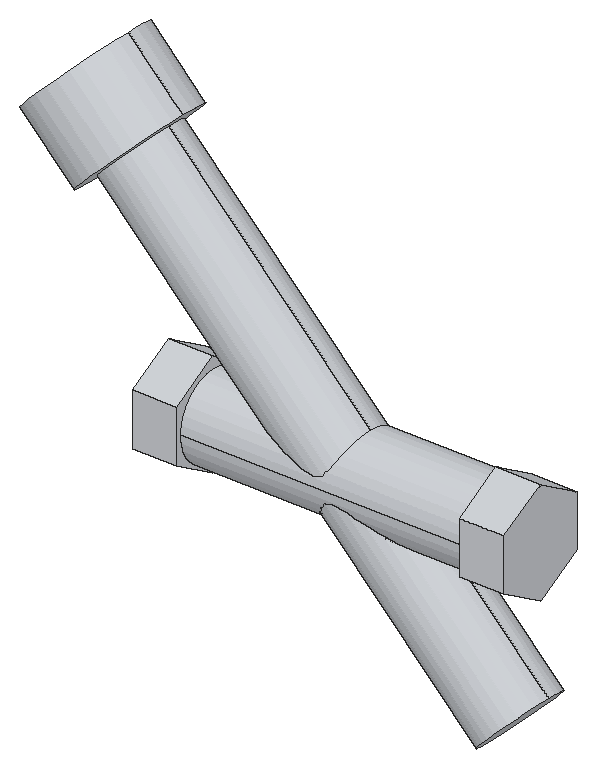
Revit family "304_Cim776 LF-_", category Pipe Accessories, Revit 2017
Family settings
  Round Connector Dimension = Use Diameter
  Part Type = Valve - Breaks Into
  Work Plane-Based = No
  Always vertical = Yes
  Cut with Voids When Loaded = No
  Shared = No
Parameters (values of type "Cim776 LF-15")
  magi_piping_given_dp [instance] = 0.0 Pa
  magiProductId = "Cim776 LF-15"
  magiProductFamilyId = "Cim776 LF-*"
  magiProductCode = "Cim776 LF-15"
  magiPartTypeId = 304
  ang2D [instance] = 0.00°
  Y4 = 21 mm
  W2D = 15 mm
  VersionID = "2.0/2015.11/CIMBERIO_CIM776_Q13_001"
  Use Minimum Symbol Size [instance] = yes
  URL = "www.cimberio.it"
  R1 = 13.5 mm
  QmdConnectorList = "301;D;302;D"
  Productdata [instance] = "© Progman Oy, all rights reserved"
  Manufacturer = "Cimberio"
  MC_Default_elevation = 0 mm
  LL5 = 138.734 mm
  LL2 = 72.96 mm
  LL1 = 48 mm
  L2D_Min = 3048 mm
  L2D = 96 mm
  HH3 = 20 mm
  HH1 = 60.382 mm
  Description = "AUTOMATIC BALANCING VALVE P.I.C.V. - PN 25 - \"CR\" BRASS - LOW FLOW"
  DL__ve = -DL  # -11.52 mm
  DL = 11.52 mm
  DD2 = 31.6 mm
  DD1 = 21.6 mm
  D = 15 mm
  CenSd_R1_6 = R1 * cos(30.00°)  # 11.691 mm
  CAT0 = yes
Types (3, lengths in mm): name | magiProductId | magiProductCode | Y4 | W2D | R1 | LL5 | LL2 | LL1 | L2D | HH1 | DL__ve | DL | DD1 | D | CenSd_R1_6
  Cim776 LF-15 | "Cim776 LF-15" | "Cim776 LF-15" | 21 | 15 | 13.5 | 138.734 | 72.96 | 48 | 96 | 60.382 | -11.52 | 11.52 | 21.6 | 15 | 11.691
  Cim776 LF-25 | "Cim776 LF-25" | "Cim776 LF-25" | 35 | 25 | 19.5 | 133.734 | 78.28 | 51.5 | 103 | 55.382 | -12.36 | 12.36 | 31.2 | 25 | 16.887
  Cim776 LF-20 | "Cim776 LF-20" | "Cim776 LF-20" | 28 | 20 | 16 | 136.234 | 73.72 | 48.5 | 97 | 57.882 | -11.64 | 11.64 | 25.6 | 20 | 13.856
Reference planes
  plane 1 "Center (Front/Back)": y = 0
  plane 2 "XYPLANE": z = 0
  plane 3 "Center (Left/Right)": x = 0
  plane 4 "INIT_TEMP": y = 100
  plane 5 "116": through (-585.733, 0, -474.927) normal (-0.7071, 0, 0.7071)
  plane 6 "115": y = 0
  plane 7 "114": through (-487.633, 0, -573.027) normal (-0.7071, 0, 0.7071)
  plane 8 "113": through (-530.33, 0, 530.33) normal (0.7071, 0, 0.7071)
  plane 9 "112": x = -36.48
  plane 10 "111": x = 48
  plane 11 "110": x = -48
  plane 12 "109": z = 0
  plane 13 "108": y = 0
  plane 14 "146XY": through (-530.33, 0, -530.33) normal (-0.7071, 0, 0.7071)
  plane 15 "146XZ": y = 0
  plane 16 "146YZ": through (-530.33, 0, 530.33) normal (0.7071, 0, 0.7071)
Forms (mm)
  Extrusion 1, solid, visible <- "CAT0"
    sketch origin (-487.633, 0, -573.027) x (0.707107, 0, 0.707107) y (0, 1, 0)
      loop
        circle (750, 0) r 10.5
    from 0 to 138.734 <- "LL5"
  Extrusion 2, solid, visible <- "CAT0"
    sketch origin (-585.733, 0, -474.927) x (0.707107, 0, 0.707107) y (0, 1, 0)
      loop
        circle (750, 0) r 15.8
    from 0 to 20 <- "HH3"
  Extrusion 3, solid, visible <- "CAT0"
    sketch origin (48, -750, 0) x (0, 1, 0) y (0, 0, 1)
      loop
        line (750, 13.5) -> (738.309, 6.75) -> (738.309, -6.75) -> (750, -13.5) -> (761.691, -6.75) -> (761.691, 6.75) -> (750, 13.5)
    from 0 to -11.52 <- "DL__ve"
  Extrusion 4, solid, visible <- "CAT0"
    sketch origin (-36.48, -750, 0) x (0, 1, 0) y (0, 0, 1)
      loop
        circle (750, 0) r 10.8
    from 0 to 72.96 <- "LL2"
  Extrusion 5, solid, visible <- "CAT0"
    sketch origin (-48, -750, 0) x (0, 1, 0) y (0, 0, 1)
      loop
        line (750, 13.5) -> (738.309, 6.75) -> (738.309, -6.75) -> (750, -13.5) -> (761.691, -6.75) -> (761.691, 6.75) -> (750, 13.5)
    from 0 to 11.52 <- "DL"
  Extrusion 6, solid, not visible
    sketch origin (48, -750, 0) x (0, 1, 0) y (0, 0, 1)
      loop
        circle (750, 0) r 10
    from 0 to -10
  Extrusion 7, solid, not visible
    sketch origin (-48, -750, 0) x (0, 1, 0) y (0, 0, 1)
      loop
        circle (750, 0) r 10
    from 0 to 10
Lines and regions (mm)
  reference lines
    curve 1: circle (48, 0, 0) r 1 normal (-1, 0, 0)
    curve 2: circle (-48, 0, 0) r 1 normal (1, 0, 0)
Text (mm)
  text "© Progman Oy, all rights reserved" at (-472.209, -2482.653, 0), in view "Ref. Level"
Dimensions and locks
  plane 4 "INIT_TEMP" to plane 1 "Center (Front/Back)" = 100 mm
  "LL5": plane 7 "114" to plane 5 "116"
  locked: plane 15 "146XZ" to plane 6 "115"
  "HH1": plane 14 "146XY" to plane 7 "114"
  locked: plane 16 "146YZ" to plane 8 "113"
  "DL": plane 11 "110" to plane 9 "112"
  "LL1": plane 3 "Center (Left/Right)" to plane 10 "111"
  "LL1": plane 3 "Center (Left/Right)" to plane 11 "110"
  locked: plane 2 "XYPLANE" to plane 12 "109"
  locked: plane 1 "Center (Front/Back)" to plane 13 "108"
  "CenSd_R1_6": curve 1 to Extrusion 3 sketch curve  (x6)
  "R1": curve 1 to Extrusion 3 sketch curve  (x6)
  "CenSd_R1_6": curve 2 to Extrusion 5 sketch curve  (x6)
  "R1": curve 2 to Extrusion 5 sketch curve  (x6)
  "Y4": diameter of Extrusion 1 sketch curve
  "DD2": diameter of Extrusion 2 sketch curve
  "DD1": diameter of Extrusion 4 sketch curve
  aligned and locked: level to plane 2 "XYPLANE"
  aligned and locked: plane 6 "115" to Extrusion 1 sketch curve
  aligned and locked: Extrusion 1 sketch curve to plane 8 "113"
  aligned and locked: plane 6 "115" to Extrusion 2 sketch curve
  aligned and locked: Extrusion 2 sketch curve to plane 8 "113"
  aligned and locked: plane 12 "109" to curve 1
  aligned and locked: curve 1 to plane 13 "108"
  aligned and locked: plane 12 "109" to Extrusion 4 sketch curve
  aligned and locked: Extrusion 4 sketch curve to plane 13 "108"
  aligned and locked: plane 12 "109" to curve 2
  aligned and locked: curve 2 to plane 13 "108"
  aligned and locked: plane 12 "109" to Extrusion 6 sketch curve
  aligned and locked: Extrusion 6 sketch curve to plane 13 "108"
  aligned and locked: plane 12 "109" to Extrusion 7 sketch curve
  aligned and locked: Extrusion 7 sketch curve to plane 13 "108"
Automatic sketch dimensions
  plane 1 "Center (Front/Back)" to Extrusion 6 sketch curve = 10 mm
  plane 1 "Center (Front/Back)" to Extrusion 7 sketch curve = 10 mm
  radius of curve 1 = 1 mm
  radius of curve 2 = 1 mm
Connectors
  piping at (-48, 0, 0), diameter 15, driven by "D"
    settings: on Extrusion 7, index 1, connector inside diameter 609.6 mm, connector length 0 mm, flow factor 0, pipe flow 0.0 L/s, pressure drop 0.0 Pa, fitting loss kfactor 0, connector angle 0.00°, fixture units 0, engagement length 0 mm, angle of deflection 0.00°, flow configuration 0, flow direction 0, fitting loss method 0, system type 29, joint type 0, gender type 0, connector reference index 2, connector utility 0, adjustable connector no, is connector primary yes, connector description ""
  piping at (48, 0, 0), diameter 15, driven by "D"
    settings: on Extrusion 6, index 2, connector inside diameter 609.6 mm, connector length 0 mm, flow factor 0, pipe flow 0.0 L/s, pressure drop 0.0 Pa, fitting loss kfactor 0, connector angle 0.00°, fixture units 0, engagement length 0 mm, angle of deflection 0.00°, flow configuration 0, flow direction 0, fitting loss method 0, system type 29, joint type 0, gender type 0, connector reference index 1, connector utility 0, adjustable connector no, is connector primary no, connector description ""
